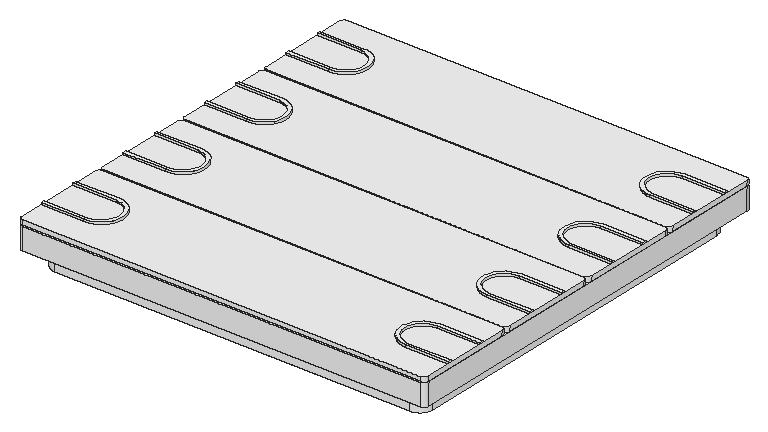
Revit family "Gira_5054028", category Electrical Fixtures, host Face, Revit 2017
Family settings
  Host = Face
  Maintain Annotation Orientation = No
  Round Connector Dimension = Use Diameter
  Part Type = Normal
  Cut with Voids When Loaded = No
  Shared = No
  Room Calculation Point = No
Parameters (values of type "PB sens.4 24 V 4-g TS4 anthra.")
  With room temperature controller = no
  With label area = no
  With display = no
  With anti-theft/dismantling protection = yes
  With IR sensor = no
  White = White
  URL = "https://www.gira.de/"
  Type Comments = ""
  Transparent = no
  Surface protection = "Sonstige (*de-DE)"
  Radio frequent bidirectional = no
  Number of buttons = 4
  Number of actuation points = 8
  Model = ""
  Material quality = "Sonstige (*de-DE)"
  Material = "Sonstige (*de-DE)"
  Manufacturer = "Gira"
  Keynote = ""
  HeinzeBIM = "https://www.heinze.de/bim/pb-sens-4-24-v-4-g-ts4-anthra-/9a0bc22561a3f2880e3fc9bdd136983fb803de0a"
  HAN = "5054028"
  GTIN = "4010337074939"
  Description = ""
  Default Elevation = 1219.2 mm
  Cost = 0
  Colour = "anthracite"
  Bus connection included = no
  BIMSITE_PRODUCT_ID = "9a0bc22561a3f2880e3fc9bdd136983fb803de0a"
  BIM = "https://media.live.bim.site/t/eyJhbGciOiJIUzI1NiIsInR5cCI6IkpXVCJ9.eyJjdCI6MSwidGYiOiJwdWJsaWMvZ2lyYS8wOWY1ZGI1LzQwXzUwMDEwMCBUUzQgNGZhY2gucmZhIiwiY2lkIjoiZmVkOThlOWEtMWJkOC00YzY4LWE3M2ItNzRhOTRlMzE1ODIzIiwicmlkIjoiYmQ2NTUwODRjZGViNzEyOTk0NTJkNjBhNzkxNDY5N2QiLCJwaWQiOiI5YTBiYzIyNTYxYTNmMjg4MGUzZmM5YmRkMTM2OTgzZmI4MDNkZTBhIiwic2lkIjoiNjM0NzAiLCJ1dCI6NSwibGMiOiJlbiIsImlhdCI6MTYwNzQ0MTU4MywiaXNzIjoiaHR0cHM6Ly9hcGkubGl2ZS5iaW0uc2l0ZSIsInN1YiI6IjhkM2FhNWNiLWUwNjYtNDU5OC1iZTE2LTZlMTZlZTc0OTU2YSJ9.p5Fn0WrzC1uQ4Vi-oZYurasUVRrFG2DmRgdAIVpEn-o/40_500100 TS4 4fach.rfa"
  Assembly Code = ""
Reference planes
  plane 1 "Center (Front/Back)": y = 0
  plane 2: z = 0
  plane 3 "Center (Left/Right)": x = 0
Forms (mm)
  Extrusion 1, solid, material "White", detail levels fine
    sketch origin (0, 0, 0) x (1, 0, 0) y (0, 1, 0)
      loop
        line (25.45, 35.45) -> (-25.45, 35.45)
        arc (-25.45, 35.45) -> (-32.521, 32.521) -> (-35.45, 25.45) r 10
        line (-35.45, 25.45) -> (-35.45, -25.45)
        arc (-35.45, -25.45) -> (-32.521, -32.521) -> (-25.45, -35.45) r 10
        line (-25.45, -35.45) -> (25.45, -35.45)
        arc (25.45, -35.45) -> (32.521, -32.521) -> (35.45, -25.45) r 10
        line (35.45, -25.45) -> (35.45, 25.45)
        arc (35.45, 25.45) -> (32.521, 32.521) -> (25.45, 35.45) r 10
      loop
        arc (-31.325, 28.496) -> (-31.325, 25.668) -> (-28.496, 25.668) r 2
        line (-28.496, 25.668) -> (-25.668, 28.496)
        arc (-25.668, 28.496) -> (-25.668, 31.325) -> (-28.496, 31.325) r 2
        line (-28.496, 31.325) -> (-31.325, 28.496)
      loop
        arc (-28.496, -31.325) -> (-25.668, -31.325) -> (-25.668, -28.496) r 2
        line (-25.668, -28.496) -> (-28.496, -25.668)
        arc (-28.496, -25.668) -> (-31.325, -25.668) -> (-31.325, -28.496) r 2
        line (-31.325, -28.496) -> (-28.496, -31.325)
      loop
        line (31.325, 28.496) -> (28.496, 31.325)
        arc (28.496, 31.325) -> (25.668, 31.325) -> (25.668, 28.496) r 2
        line (25.668, 28.496) -> (28.496, 25.668)
        arc (28.496, 25.668) -> (31.325, 25.668) -> (31.325, 28.496) r 2
      loop
        line (28.496, -31.325) -> (31.325, -28.496)
        arc (31.325, -28.496) -> (31.325, -25.668) -> (28.496, -25.668) r 2
        line (28.496, -25.668) -> (25.668, -28.496)
        arc (25.668, -28.496) -> (25.668, -31.325) -> (28.496, -31.325) r 2
      loop
        line (-13.39, 22.831) -> (-22.831, 13.39) -> (-22.831, -13.39) -> (-13.39, -22.831) -> (13.39, -22.831) -> (22.831, -13.39) -> (22.831, 13.39) -> (13.39, 22.831) -> (-13.39, 22.831)
      loop
        arc (-1.681, 31.793) -> (-6.669, 29.581) -> (-1.417, 28.102) r 2.9
        arc (-1.417, 28.102) -> (2.178, 28.079) -> (5.741, 27.6) r 28.291
        arc (5.741, 27.6) -> (7.553, 29.282) -> (6.077, 31.265) r 1.851
        arc (6.077, 31.265) -> (2.215, 31.784) -> (-1.681, 31.793) r 29.64
      loop
        arc (1.681, -31.793) -> (6.669, -29.581) -> (1.417, -28.102) r 2.9
        arc (1.417, -28.102) -> (-2.178, -28.079) -> (-5.741, -27.6) r 28.291
        arc (-5.741, -27.6) -> (-7.553, -29.282) -> (-6.077, -31.265) r 1.851
        arc (-6.077, -31.265) -> (-2.215, -31.784) -> (1.681, -31.793) r 29.64
      loop
        arc (-31.793, -1.681) -> (-29.581, -6.669) -> (-28.102, -1.417) r 2.9
        arc (-28.102, -1.417) -> (-28.079, 2.178) -> (-27.6, 5.741) r 28.291
        arc (-27.6, 5.741) -> (-29.282, 7.553) -> (-31.265, 6.077) r 1.851
        arc (-31.265, 6.077) -> (-31.784, 2.215) -> (-31.793, -1.681) r 29.64
      loop
        arc (31.793, 1.681) -> (29.581, 6.669) -> (28.102, 1.417) r 2.9
        arc (28.102, 1.417) -> (28.079, -2.178) -> (27.6, -5.741) r 28.291
        arc (27.6, -5.741) -> (29.282, -7.553) -> (31.265, -6.077) r 1.851
        arc (31.265, -6.077) -> (31.784, -2.215) -> (31.793, 1.681) r 29.64
    from 0 to -1
  Extrusion 2, solid, material "White", detail levels medium+fine
    sketch origin (0, 0, 0) x (1, 0, 0) y (0, 1, 0)
      loop
        line (-22.831, 13.39) -> (-22.831, -13.39) -> (-13.39, -22.831) -> (13.39, -22.831) -> (22.831, -13.39) -> (22.831, 13.39) -> (13.39, 22.831) -> (-13.39, 22.831) -> (-22.831, 13.39)
    from 0 to -15.5
  Extrusion 3, solid, material "White", detail levels medium
    sketch origin (0, 0, 0) x (1, 0, 0) y (0, 1, 0)
      loop
        line (35.45, 35.45) -> (-35.45, 35.45) -> (-35.45, -35.45) -> (35.45, -35.45) -> (35.45, 35.45)
    from 0 to -1
  Extrusion 4, solid, material "White" <- "White", detail levels fine
    sketch origin (0, 0, 0) x (1, 0, 0) y (0, 1, 0)
      loop
        arc (-41.4, 44.4) -> (-43.521, 43.521) -> (-44.4, 41.4) r 3
        line (-44.4, 41.4) -> (-44.4, -41.4)
        arc (-44.4, -41.4) -> (-43.521, -43.521) -> (-41.4, -44.4) r 3
        line (-41.4, -44.4) -> (41.4, -44.4)
        arc (41.4, -44.4) -> (43.521, -43.521) -> (44.4, -41.4) r 3
        line (44.4, -41.4) -> (44.4, 41.4)
        arc (44.4, 41.4) -> (43.521, 43.521) -> (41.4, 44.4) r 3
        line (41.4, 44.4) -> (-41.4, 44.4)
      loop
        arc (-42.4, -41.4) -> (-42.107, -42.107) -> (-41.4, -42.4) r 1
        line (-41.4, -42.4) -> (41.4, -42.4)
        arc (41.4, -42.4) -> (42.107, -42.107) -> (42.4, -41.4) r 1
        line (42.4, -41.4) -> (42.4, 41.4)
        arc (42.4, 41.4) -> (42.107, 42.107) -> (41.4, 42.4) r 1
        line (41.4, 42.4) -> (-41.4, 42.4)
        arc (-41.4, 42.4) -> (-42.107, 42.107) -> (-42.4, 41.4) r 1
        line (-42.4, 41.4) -> (-42.4, -41.4)
    from 0 to 4
  Extrusion 5, solid, material "White" <- "White", detail levels medium
    sketch origin (0, 0, 0) x (1, 0, 0) y (0, 1, 0)
      loop
        line (-44.4, 44.4) -> (-44.4, -44.4) -> (44.4, -44.4) -> (44.4, 44.4) -> (-44.4, 44.4)
    from 0 to 4
  Extrusion 6, solid, material "White" <- "White", detail levels fine
    sketch origin (0, 0, 0) x (1, 0, 0) y (0, 1, 0)
      loop
        line (-46.5, -47.5) -> (46.5, -47.5)
        arc (46.5, -47.5) -> (47.207, -47.207) -> (47.5, -46.5) r 1
        line (47.5, -46.5) -> (47.5, 46.5)
        arc (47.5, 46.5) -> (47.207, 47.207) -> (46.5, 47.5) r 1
        line (46.5, 47.5) -> (-46.5, 47.5)
        arc (-46.5, 47.5) -> (-47.207, 47.207) -> (-47.5, 46.5) r 1
        line (-47.5, 46.5) -> (-47.5, -46.5)
        arc (-47.5, -46.5) -> (-47.207, -47.207) -> (-46.5, -47.5) r 1
    from 4 to 9
  Extrusion 7, solid, material "White" <- "White", detail levels medium
    sketch origin (0, 0, 0) x (1, 0, 0) y (0, 1, 0)
      loop
        line (-47.5, -47.5) -> (47.5, -47.5) -> (47.5, -23.957) -> (-47.5, -23.947) -> (-47.5, -47.5)
      loop
        line (-47.5, -23.647) -> (47.5, -23.657) -> (47.5, -0.2) -> (-47.5, -0.2) -> (-47.5, -23.647)
      loop
        line (-47.5, 47.5) -> (-47.5, 23.947) -> (47.5, 23.957) -> (47.5, 47.5) -> (-47.5, 47.5)
      loop
        line (-47.5, 23.647) -> (-47.5, 0.2) -> (47.5, 0.2) -> (47.5, 23.657) -> (-47.5, 23.647)
    from 4 to 10.7
  Extrusion 8, solid, material "White" <- "White", detail levels fine
    sketch origin (0, 0, 0) x (1, 0, 0) y (0, 1, 0)
      loop
        line (47.5, 24.957) -> (47.5, 46.5)
        arc (47.5, 46.5) -> (47.207, 47.207) -> (46.5, 47.5) r 1
        line (46.5, 47.5) -> (-46.5, 47.5)
        arc (-46.5, 47.5) -> (-47.207, 47.207) -> (-47.5, 46.5) r 1
        line (-47.5, 46.5) -> (-47.5, 24.947)
        arc (-47.5, 24.947) -> (-47.207, 24.24) -> (-46.5, 23.947) r 1
        line (-46.5, 23.947) -> (46.5, 23.957)
        arc (46.5, 23.957) -> (47.207, 24.25) -> (47.5, 24.957) r 1
      loop
        line (-46.5, 0.2) -> (46.5, 0.2)
        arc (46.5, 0.2) -> (47.207, 0.493) -> (47.5, 1.2) r 1
        line (47.5, 1.2) -> (47.5, 22.657)
        arc (47.5, 22.657) -> (47.207, 23.364) -> (46.5, 23.657) r 1
        line (46.5, 23.657) -> (-46.5, 23.647)
        arc (-46.5, 23.647) -> (-47.207, 23.354) -> (-47.5, 22.647) r 1
        line (-47.5, 22.647) -> (-47.5, 1.2)
        arc (-47.5, 1.2) -> (-47.207, 0.493) -> (-46.5, 0.2) r 1
      loop
        arc (47.5, -24.957) -> (47.207, -24.25) -> (46.5, -23.957) r 1
        line (46.5, -23.957) -> (-46.5, -23.947)
        arc (-46.5, -23.947) -> (-47.207, -24.24) -> (-47.5, -24.947) r 1
        line (-47.5, -24.947) -> (-47.5, -46.5)
        arc (-47.5, -46.5) -> (-47.207, -47.207) -> (-46.5, -47.5) r 1
        line (-46.5, -47.5) -> (46.5, -47.5)
        arc (46.5, -47.5) -> (47.207, -47.207) -> (47.5, -46.5) r 1
        line (47.5, -46.5) -> (47.5, -24.957)
      loop
        arc (-46.5, -0.2) -> (-47.207, -0.493) -> (-47.5, -1.2) r 1
        line (-47.5, -1.2) -> (-47.5, -22.647)
        arc (-47.5, -22.647) -> (-47.207, -23.354) -> (-46.5, -23.647) r 1
        line (-46.5, -23.647) -> (46.5, -23.657)
        arc (46.5, -23.657) -> (47.207, -23.364) -> (47.5, -22.657) r 1
        line (47.5, -22.657) -> (47.5, -1.2)
        arc (47.5, -1.2) -> (47.207, -0.493) -> (46.5, -0.2) r 1
        line (46.5, -0.2) -> (-46.5, -0.2)
    from 9.3 to 10.3
  Extrusion 9, solid, material "White" <- "White", detail levels fine
    sketch origin (0, 0, 0) x (1, 0, 0) y (0, 1, 0)
      loop
        line (-37.5, 40.697) -> (-47.5, 40.697) -> (-47.5, 39.897) -> (-37.5, 39.897)
        arc (-37.5, 39.897) -> (-33.3, 35.697) -> (-37.5, 31.497) r 4.2
        line (-37.5, 31.497) -> (-47.5, 31.497) -> (-47.5, 30.697) -> (-37.5, 30.697)
        arc (-37.5, 30.697) -> (-32.5, 35.697) -> (-37.5, 40.697) r 5
      loop
        arc (37.5, 40.697) -> (32.5, 35.697) -> (37.5, 30.697) r 5
        line (37.5, 30.697) -> (47.5, 30.697) -> (47.5, 31.497) -> (37.5, 31.497)
        arc (37.5, 31.497) -> (33.3, 35.697) -> (37.5, 39.897) r 4.2
        line (37.5, 39.897) -> (47.5, 39.897) -> (47.5, 40.697) -> (37.5, 40.697)
      loop
        arc (-37.5, -16.883) -> (-32.5, -11.883) -> (-37.5, -6.883) r 5
        line (-37.5, -6.883) -> (-47.5, -6.883) -> (-47.5, -7.683) -> (-37.5, -7.683)
        arc (-37.5, -7.683) -> (-33.3, -11.883) -> (-37.5, -16.083) r 4.2
        line (-37.5, -16.083) -> (-47.5, -16.083) -> (-47.5, -16.883) -> (-37.5, -16.883)
      loop
        line (37.5, -16.883) -> (47.5, -16.883) -> (47.5, -16.083) -> (37.5, -16.083)
        arc (37.5, -16.083) -> (33.3, -11.883) -> (37.5, -7.683) r 4.2
        line (37.5, -7.683) -> (47.5, -7.683) -> (47.5, -6.883) -> (37.5, -6.883)
        arc (37.5, -6.883) -> (32.5, -11.883) -> (37.5, -16.883) r 5
      loop
        arc (-37.5, -40.697) -> (-32.5, -35.697) -> (-37.5, -30.697) r 5
        line (-37.5, -30.697) -> (-47.5, -30.697) -> (-47.5, -31.497) -> (-37.5, -31.497)
        arc (-37.5, -31.497) -> (-33.3, -35.697) -> (-37.5, -39.897) r 4.2
        line (-37.5, -39.897) -> (-47.5, -39.897) -> (-47.5, -40.697) -> (-37.5, -40.697)
      loop
        line (37.5, -40.697) -> (47.5, -40.697) -> (47.5, -39.897) -> (37.5, -39.897)
        arc (37.5, -39.897) -> (33.3, -35.697) -> (37.5, -31.497) r 4.2
        line (37.5, -31.497) -> (47.5, -31.497) -> (47.5, -30.697) -> (37.5, -30.697)
        arc (37.5, -30.697) -> (32.5, -35.697) -> (37.5, -40.697) r 5
      loop
        line (-37.5, 16.883) -> (-47.5, 16.883) -> (-47.5, 16.083) -> (-37.5, 16.083)
        arc (-37.5, 16.083) -> (-33.3, 11.883) -> (-37.5, 7.683) r 4.2
        line (-37.5, 7.683) -> (-47.5, 7.683) -> (-47.5, 6.883) -> (-37.5, 6.883)
        arc (-37.5, 6.883) -> (-32.5, 11.883) -> (-37.5, 16.883) r 5
      loop
        arc (37.5, 16.883) -> (32.5, 11.883) -> (37.5, 6.883) r 5
        line (37.5, 6.883) -> (47.5, 6.883) -> (47.5, 7.683) -> (37.5, 7.683)
        arc (37.5, 7.683) -> (33.3, 11.883) -> (37.5, 16.083) r 4.2
        line (37.5, 16.083) -> (47.5, 16.083) -> (47.5, 16.883) -> (37.5, 16.883)
    from 9.5 to 10.7
  Extrusion 10, solid, material "White" <- "White", detail levels coarse
    sketch origin (0, 0, 0) x (1, 0, 0) y (0, 1, 0)
      loop
        line (-47.5, -47.5) -> (47.5, -47.5) -> (47.5, 47.5) -> (-47.5, 47.5) -> (-47.5, -47.5)
    from -15.4 to 10.7
Lines and regions (mm)
  reference lines
    curve 1: line (0, 47.5, 0) -> (0, -47.5, 0)
    curve 2: line (-47.5, 0, 0) -> (47.5, 0, 0)
Dimensions and locks
  aligned and locked: plane 2 to host face
  aligned and locked: level to host face
Connectors
  electrical at (0, 0, -15.5)
    settings: on Extrusion 2, index 1, voltage 220 V, apparent load 0 VA, apparent load phase1 0 VA, apparent load phase2 0 VA, apparent load phase3 0 VA, power factor 1, load classification "Other", number of poles 1, system type 31, power factor state 1, is connector primary yes, connector utility no, sub classification motor no, connector description ""
